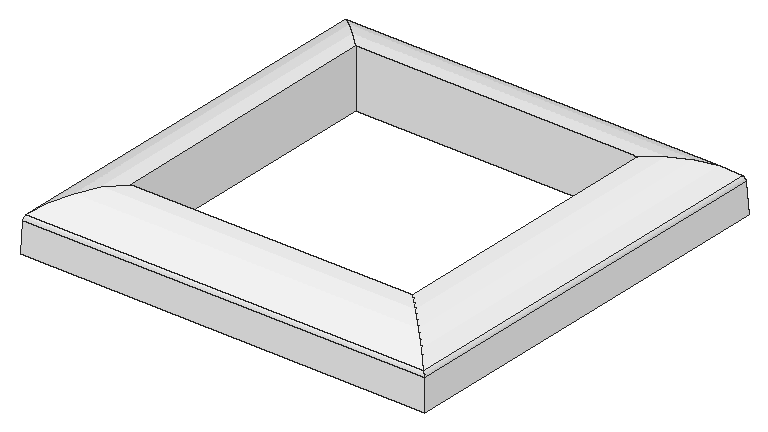
Revit family "Gira_021101", category Electrical Fixtures, host Face, Revit 2017
Family settings
  Host = Face
  Maintain Annotation Orientation = No
  Round Connector Dimension = Use Diameter
  Part Type = Normal
  Cut with Voids When Loaded = No
  Shared = No
  Room Calculation Point = No
Parameters (values of type "Abdeckrahmen 1f Standard 55 Cremeweiß")
  Werkstoffgüte = "Thermoplast"
  Werkstoff = "Kunststoff"
  URL = "http://katalog.gira.de/de_DE/datenblatt.html?artikelnr=021101"
  Transparent = "No"
  Textfeld/Beschriftungsfläche = "No"
  Schutzart (IP) = "IP20"
  Region = "DE"
  RAL-Nummer (ähnlich) = "1013 "
  Oberfläche = "sonstige"
  Name = "Abdeckrahmen 1f Standard 55 Cremeweiß"
  Montagerichtung = "horizontal und vertikal"
  Mit Montagerahmen = "No"
  Mit Klappdeckel = "No"
  Manufacturer URL = "https://www.gira.de/"
  Keynote = "Std55_Rahmen_1fach"
  HeinzeBIM = "https://bimportal.heinze.de/bim/abdeckrahmen-1f-standard-55-cremeweiss/ae75c52eef9f0b6098adea8739f1ce0e9424f40c"
  Halogenfrei = "Yes"
  HAN = "021101"
  Geeignet für Unterputz-Installation = "Yes"
  Geeignet für Unterflurkanaldose = "No"
  Geeignet für Geräteeinbaukanal = "No"
  Geeignet für Einbauinstallation = "No"
  GTIN = "4010337211013"
  Farbe = "cremeweiß (elektroweiß)"
  Default Elevation = 1219.2 mm
  Data sheet (1) = "https://katalog.gira.de/de_DE/download.html?artikelnr=021101"
  Category = "Abdeckrahmen"
  Befestigungsart = "Klemmbefestigung"
  Available = "Yes"
  Ausführung der Oberfläche = "glänzend"
  Anzahl der Einheiten vertikal = "1 "
  Anzahl der Einheiten horizontal = "1 "
  Anzahl der Einheiten = "1 "
Reference planes
  plane 1 "Center (Front/Back)": y = 0
  plane 2: z = 0
  plane 3 "Center (Left/Right)": x = 0
  plane 4: y = -40.3
  plane 5: y = 40.3
  plane 6: x = 40.3
  plane 7: x = -40.3
Forms (mm)
  Sweep 1, solid, material "White", detail levels fine
    path origin (0, 0, 0) x (1, 0, 0) y (0, 1, 0)
      loop
        line (40.3, 40.3) -> (-40.3, 40.3) -> (-40.3, -40.3) -> (40.3, -40.3) -> (40.3, 40.3)
    profile origin (0, 40.3, 0) x (0, -1, 0) y (0, 0, 1)
      loop
        arc (12.22, 11.373) -> (5.983, 10.294) -> (0.641, 6.901) r 16.145
        arc (0.641, 6.901) -> (0.395, 6.426) -> (0.309, 5.898) r 1.694
        line (0.309, 5.898) -> (0, 0) -> (12.319, 0) -> (12.22, 11.373)
  Extrusion 2, solid, material "White", detail levels coarse+medium
    sketch origin (0, 0, 0) x (1, 0, 0) y (0, 1, 0)
      loop
        line (40.3, 40.3) -> (-40.3, 40.3) -> (-40.3, -40.3) -> (40.3, -40.3) -> (40.3, 40.3)
    from 0 to 11.373
Dimensions and locks
  aligned and locked: plane 2 to host face
  aligned and locked: level to host face
